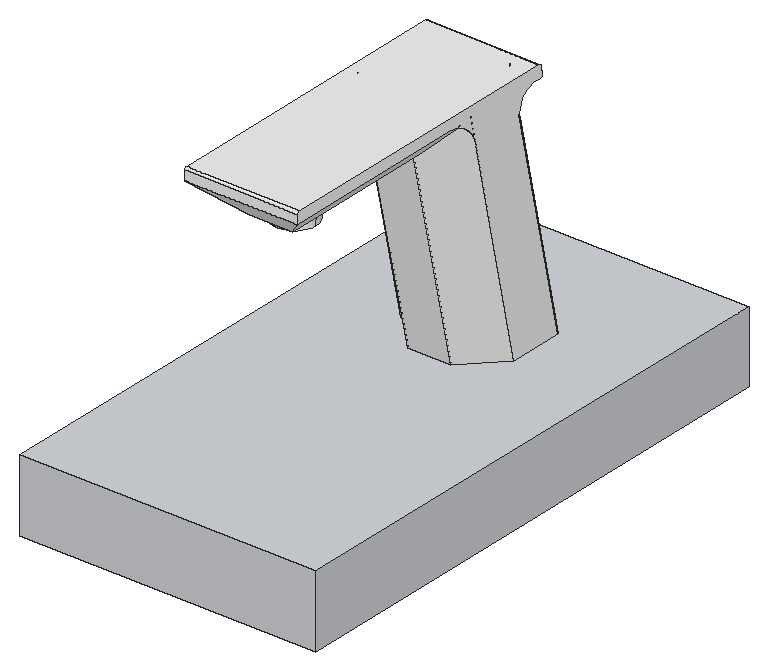
Revit family
Parameters (values of type "Chrome-Polished_Chrome-CP")
  Width = 0' - 2 7/16"
  WFU = 0
  URL = "http://www.us.kohler.com"
  Product Page URL = "http://www.us.kohler.com/onlinecatalog/detail.jsp?prod_num=13467"
  Product Documentation Link = "http://www.us.kohler.com/onlinecatalog/pdf/1102760_4.pdf"
  Model = "K-13467"  # constant formula
  Manufacturer = "Kohler"  # constant formula
  Length = 0' - 7 3/4"
  Installation = "Single-hole"  # constant formula
  Hot Water Radius = 0' - 0 3/16"
  Hot Water Diameter = Hot Water Radius * 2  # 3/8"
  Hot Water Connector = "Hot Water Connector"  # constant formula
  Height = 0' - 5 7/16"
  HWFU = 0
  HW Connection = yes
  Finish = Chrome-Kohler-CP-Polished_Chrome
  Description = "Geometric Touchless deck-mount faucet"  # constant formula
  Default Elevation = 0' - 0"
  Created By = "http://medialab3dstudio.com/"
  Cold Water Radius = 0' - 0 3/16"
  Cold Water Diameter = Cold Water Radius * 2  # 3/8"
  Cold Water Connector = "Cold Water Connector"  # constant formula
  CWFU = 0
  CW Connection = yes
  Assembly Code = "D2010"
  Actual Valve Water Flow = 0.5 GPM
  ADA Compliant = yes
Types (3): name | Finish
  (no name) | Chrome-Kohler-CP-Polished_Chrome
  Steel-Vibrant_Stainless-VS | Steel-Kohler-VS-Vibrant_Stainless
  Chrome-Polished_Chrome-CP | Chrome-Kohler-CP-Polished_Chrome
Reference planes (in)
  plane 1 "Back": y = 0
  plane 2 "Bottom": z = 0
  plane 3 "Center (Left/Right)": x = 0
  plane 4 "Left": x = -1.22
  plane 5 "Right": x = 1.22
  plane 6 "Front": y = -7.75
  plane 7: z = 5.4375
  plane 8: y = -6.31997
  plane 9: x = 0
  plane 10: z = 4.43543
  plane 11: through (0, -7.75157, 5.18966) normal (0, -0.6816, -0.7317)
  plane 12: z = 5.18966
  plane 13: z = 4.43543
  plane 14: through (1.22, -180, 5.18966) normal (0.7071, 0, -0.7071)
  plane 15: through (-0.46576, -180, 4.43543) normal (-0.7071, 0, -0.7071)
  plane 16: y = -2.86736
  plane 17: z = 5.18966
  plane 18: z = 4.63505
  plane 19: z = 5.15297
  plane 20: through (0, -1.20984, 5.39736) normal (0, -0.9757, -0.2193)
  plane 21: through (0, -1.94709, 5.39736) normal (0, -0.9757, -0.2193)
  plane 22: through (0, -3.1313, 5.39736) normal (0, -0.9757, -0.2193)
  plane 23: y = 0.14795
  plane 24: y = -2.69186
  plane 25: z = -0.75
  plane 26: through (0, -1.23293, 2.22557) normal (0, 0.9758, 0.2187)
  plane 27: y = -0.54791
  plane 28: y = -1.23293
  plane 29: through (0, -1.23293, 2.22557) normal (0, -0.9758, -0.2187)
  plane 30: y = -0.54791
  plane 31: y = -1.23293
  plane 32: y = -1.28314
  plane 33: y = -2.01863
  plane 34: through (-0.46576, -2.01863, 48) normal (-0.6982, -0.7159, 0)
  plane 35: through (0.46576, -2.01863, 48) normal (-0.6982, 0.7159, 0)
  plane 36: y = -1.9184
  plane 37: y = -3.85872
  plane 38: y = -3.62007
  plane 39: y = -2.95134
  plane 40: y = -1.77288
  plane 41: y = -1.33828
  plane 42: y = -1.3263
  plane 43: x = 0.32724
  plane 44: y = -1.3263
  plane 45: x = -0.32724
  plane 46: through (-1.22, -0.7342, 48) normal (-0.7239, 0.6899, 0)
  plane 47: through (1.22, -0.7342, 48) normal (-0.7239, -0.6899, 0)
Forms (in)
  Extrusion 1, solid
    sketch origin (0, 0, 0) x (1, 0, 0) y (0, 1, 0)
      loop
        line (-3.25, 2) -> (-3.25, -9.6597) -> (3.13937, -9.6597) -> (3.13937, 2) -> (-3.25, 2)
    from 0 to -1.55472
  Extrusion 2, solid, material "Chrome-Kohler-CP-Polished_Chrome" <- "Finish"
    sketch origin (0, 0, 0) x (0, 1, 0) y (0, 0, 1)
      loop
        line (-0.7342, 0) -> (-1.77288, 4.63505)
        arc (-1.77288, 4.63505) -> (-1.68365, 5.00148) -> (-1.33828, 5.15297) r 0.42536
        line (-1.33828, 5.15297) -> (-1.22005, 5.15297)
        arc (-1.22005, 5.15297) -> (-1.17954, 5.17229) -> (-1.16906, 5.21593) r 0.05212
        line (-1.16906, 5.21593) -> (-1.20984, 5.39736)
        arc (-1.20984, 5.39736) -> (-1.22785, 5.42621) -> (-1.25993, 5.4375) r 0.05141
        line (-1.25993, 5.4375) -> (-7.69863, 5.4375)
        arc (-7.69863, 5.4375) -> (-7.73495, 5.42245) -> (-7.75, 5.38613) r 0.05137
        line (-7.75, 5.38613) -> (-7.75, 5.18966) -> (-3.62007, 5.18966)
        arc (-3.62007, 5.18966) -> (-3.18567, 5.03297) -> (-2.95134, 4.63505) r 0.68046
        line (-2.95134, 4.63505) -> (-1.9184, 0) -> (-0.7342, 0)
    from -1.22 to 1.22
  Extrusion 3, solid, material "Chrome-Kohler-CP-Polished_Chrome" <- "Finish"
    sketch origin (0, 0, 0.25897) x (1, 0, 0) y (0, 0, 1)
      loop
        line (-1.22, 4.93069) -> (-0.46576, 4.17646) -> (0.46576, 4.17646) -> (1.22, 4.93069) -> (-1.22, 4.93069)
    from 2.86736 to 7.75
  Extrusion 4, void
    sketch origin (0, 0.74619, 0) x (0, 1, 0) y (0, 0, 1)
      loop
        line (-7.68804, 4.43543) -> (-8.49619, 5.1882) -> (-8.49619, 4.43543) -> (-7.68804, 4.43543)
    from -1.22 to 1.22
  Extrusion 5, solid, material "Chrome-Kohler-CP-Polished_Chrome" <- "Finish"
    sketch origin (0, -6.09131, -3.8885) x (1, 0, 0) y (0, 0.975149, 0.221549)
      loop
        line (-1.22, 4.93069) -> (-0.46576, 4.17646) -> (0.46576, 4.17646) -> (1.22, 4.93069) -> (-1.22, 4.93069)
    from 2.86736 to 8.30557
  Sweep 6, solid, material "Chrome-Kohler-CP-Polished_Chrome" <- "Finish"
    path origin (0, 0, 0) x (0, 1, 0) y (0, 0, 1)
      loop
        line (-0.57692, -0.70182) -> (-1.88894, 5.15297)
    profile origin (0, -1.23293, 2.22557) x (0, -0.975799, -0.218669) y (1, 0, 0)
      loop
        line (0, -1.22) -> (0, 0) -> (-0.70201, 0) -> (-0.70201, -0.53442) -> (0, -1.22)
  Extrusion 7, void
    sketch origin (0, 0, 0) x (0, 1, 0) y (0, 0, 1)
      loop
        line (0.14795, 0) -> (-2.69186, 0) -> (-2.69186, -0.75) -> (0.14795, -0.75) -> (0.14795, 0)
    from -1.22 to 1.22
  Extrusion 8, solid, material "Chrome-Kohler-CP-Polished_Chrome" <- "Finish"
    sketch origin (0, 0.44273, 0) x (1, 0, 0) y (0, 1, 0)
      loop
        arc (0, -6.29694) -> (-0.32935, -6.43336) -> (-0.46576, -6.7627) r 0.46576
        arc (-0.46576, -6.7627) -> (-0.32935, -7.09205) -> (0, -7.22847) r 0.46576
        arc (0, -7.22847) -> (0.32935, -7.09205) -> (0.46576, -6.7627) r 0.46576
        arc (0.46576, -6.7627) -> (0.32935, -6.43336) -> (0, -6.29694) r 0.46576
    from 4.27922 to 4.43543
  Extrusion 9, void
    sketch origin (0, 0.61402, 0) x (1, 0, 0) y (0, 1, 0)
      loop
        circle (0, -6.93869) r 0.3638
    from 4.27922 to 4.43543
  Extrusion 10, solid
    sketch origin (0, -0.99833, 0) x (1, 0, 0) y (0, 1, 0)
      loop
        arc (0.32724, -0.12079) -> (0.18075, -0.18147) -> (0.12007, -0.32797) r 0.20718
        arc (0.12007, -0.32797) -> (0.18075, -0.47446) -> (0.32724, -0.53514) r 0.20717
        arc (0.32724, -0.53514) -> (0.47374, -0.47446) -> (0.53442, -0.32797) r 0.20718
        arc (0.53442, -0.32797) -> (0.47374, -0.18147) -> (0.32724, -0.12079) r 0.20717
    from 0 to 0.07104
  Extrusion 11, solid
    sketch origin (-0.65448, -0.99833, 0) x (1, 0, 0) y (0, 1, 0)
      loop
        arc (0.32724, -0.12079) -> (0.18075, -0.18147) -> (0.12007, -0.32797) r 0.20718
        arc (0.12007, -0.32797) -> (0.18075, -0.47446) -> (0.32724, -0.53514) r 0.20718
        arc (0.32724, -0.53514) -> (0.47374, -0.47446) -> (0.53442, -0.32797) r 0.20718
        arc (0.53442, -0.32797) -> (0.47374, -0.18147) -> (0.32724, -0.12079) r 0.20718
    from 0 to 0.07104
  Sweep 12, solid, material "Chrome-Kohler-CP-Polished_Chrome" <- "Finish"
    path origin (0, 0, 0) x (0, 1, 0) y (0, 0, -1)
      loop
        line (-0.57692, 0.70182) -> (-1.88894, -5.15297)
    profile origin (0, -1.23293, 2.22557) x (0, 0.975799, 0.218669) y (-1, 0, 0)
      loop
        line (0, -1.22) -> (0.70201, -0.53442) -> (0.70201, 0) -> (0, 0) -> (0, -1.22)
Cuts and joins
  Extrusion 7 cuts Extrusion 10
  Extrusion 7 cuts Extrusion 11
  Extrusion 7 cuts Extrusion 5
  Extrusion 7 cuts Extrusion 2
  Extrusion 4 cuts Extrusion 3
  Extrusion 7 cuts Sweep 6
  Extrusion 9 cuts Extrusion 8
  Extrusion 7 cuts Sweep 12
  joined: Extrusion 2, Extrusion 3, Sweep 6, Extrusion 8, Sweep 12
Lines and regions (in)
  Masking region 1, detail levels coarse
    outline origin (0, 0, 0) x (1, 0, 0) y (0, 0, 1)
      loop
        line (-1.22, 5.4375) -> (-1.22, 0) -> (1.22, 0) -> (1.22, 5.4375) -> (-1.22, 5.4375)
  Masking region 2, detail levels medium+fine
    outline origin (0, 0, 0) x (1, 0, 0) y (0, 0, 1)
      loop
        line (-1.22, 5.4375) -> (-1.22, 0) -> (1.22, 0) -> (1.22, 5.4375) -> (-1.22, 5.4375)
  Masking region 3, detail levels coarse
    outline origin (0, 0, 0) x (1, 0, 0) y (0, 1, 0)
      loop
        line (-1.22, 0) -> (-1.22, -7.75) -> (1.22, -7.75) -> (1.22, 0) -> (-1.22, 0)
  Masking region 4, detail levels medium+fine
    outline origin (0, 0, 0) x (1, 0, 0) y (0, 1, 0)
      loop
        line (-0.52034, 0) -> (-1.22, -0.7342) -> (-1.22, -7.75) -> (1.22, -7.75) -> (1.22, -0.7342) -> (0.52034, 0) -> (-0.52034, 0)
  Masking region 5, detail levels coarse
    outline origin (0, 0, 0) x (0, 1, 0) y (0, 0, 1)
      loop
        line (0, 5.4375) -> (-7.75, 5.4375) -> (-7.75, 0) -> (0, 0) -> (0, 5.4375)
  Masking region 6, detail levels medium+fine
    outline origin (0, 0, 0) x (0, 1, 0) y (0, 0, 1)
      loop
        line (-0.01477, 0) -> (-1.17523, 5.17848)
        arc (-1.17523, 5.17848) -> (-1.16862, 5.19662) -> (-1.16906, 5.21593) r 0.05212
        line (-1.16906, 5.21593) -> (-1.20984, 5.39736)
        arc (-1.20984, 5.39736) -> (-1.22785, 5.42621) -> (-1.25993, 5.4375) r 0.05141
        line (-1.25993, 5.4375) -> (-7.69863, 5.4375)
        arc (-7.69863, 5.4375) -> (-7.73495, 5.42245) -> (-7.75, 5.38613) r 0.05137
        line (-7.75, 5.38613) -> (-7.75, 5.1882) -> (-6.94185, 4.43543) -> (-6.78573, 4.43543) -> (-6.78573, 4.27922) -> (-5.85501, 4.27922) -> (-5.85501, 4.43543) -> (-3.69956, 4.43543) -> (-2.69186, 0) -> (-0.01477, 0)
  symbolic lines, detail levels medium+fine
    curve 1: line (-1.22, 0, 5.18966) -> (-0.46576, 0, 4.43543)
    curve 2: line (-0.46576, 0, 4.43543) -> (0.46576, 0, 4.43543)
    curve 3: line (0.46576, 0, 4.43543) -> (1.22, 0, 5.18966)
    curve 4: line (1.22, 0, 5.18966) -> (-1.22, 0, 5.18966)
  symbolic lines, detail levels fine
    curve 5: line (-0.3638, 0, 4.43543) -> (-0.3638, 0, 4.27922)
    curve 6: line (-0.3638, 0, 4.27922) -> (0.3638, 0, 4.27922)
    curve 7: line (0.3638, 0, 4.27922) -> (0.3638, 0, 4.43543)
    curve 8: line (-0.46576, 0, 4.43543) -> (-0.46576, 0, 0)
    curve 9: line (0.46576, 0, 0) -> (0.46576, 0, 4.43543)
    curve 10: line (-0.53442, -0.01477, 0) -> (-0.53442, -1.1752, 0)
    curve 11: spline (-0.58256, -1.22005, 0) -> (-0.57839, -1.2157, 0) -> (-0.5742, -1.2114, 0) -> (-0.56999, -1.20717, 0) -> (-0.56578, -1.20304, 0) -> (-0.5616, -1.19901, 0) -> (-0.55746, -1.19511, 0) -> (-0.55337, -1.19135, 0) -> (-0.54937, -1.18774, 0) -> (-0.54545, -1.18431, 0) -> (-0.54164, -1.18107, 0) -> (-0.53796, -1.17803, 0) -> (-0.53442, -1.1752, 0)
    curve 12: line (-0.69525, -1.33828, 0) -> (-0.58257, -1.22005, 0)
    curve 13: line (-1.22, -1.77288, 0) -> (-0.69525, -1.33828, 0)
    curve 14: line (-0.53442, -1.17523, 0) -> (0.53442, -1.17523, 0)
    curve 15: line (0.53442, -1.17523, 0) -> (0.53442, -0.01477, 0)
    curve 16: spline (0.53437, -1.17517, 0) -> (0.53792, -1.17799, 0) -> (0.5416, -1.18104, 0) -> (0.54541, -1.18428, 0) -> (0.54933, -1.18771, 0) -> (0.55334, -1.19132, 0) -> (0.55743, -1.19508, 0) -> (0.56158, -1.19899, 0) -> (0.56577, -1.20302, 0) -> (0.56998, -1.20716, 0) -> (0.57419, -1.21139, 0) -> (0.57839, -1.2157, 0) -> (0.58256, -1.22005, 0)
    curve 17: line (0.58257, -1.22005, 0) -> (0.69525, -1.33828, 0)
    curve 18: line (0.69525, -1.33828, 0) -> (1.22, -1.77288, 0)
    curve 19: arc (0, -1.22005, 5.15297) -> (0, -1.19426, 5.1598) -> (0, -1.17523, 5.17848) r 0.05212
    curve 20: line (0, -1.33828, 5.15297) -> (0, -1.22005, 5.15297)
    curve 21: arc (0, -1.77288, 4.63505) -> (0, -1.68365, 5.00148) -> (0, -1.33828, 5.15297) r 0.42536
    curve 22: line (0, -0.7342, 0) -> (0, -1.77288, 4.63505)
    curve 23: line (0, -2.94294, 4.57192) -> (0, -1.9184, 0)
    curve 24: arc (0, -3.62007, 5.18966) -> (0, -3.16178, 5.01202) -> (0, -2.94294, 4.57192) r 0.67998
    curve 25: line (0, -3.62007, 5.18966) -> (0, -7.75157, 5.18966)
    curve 26: line (0, -5.8542, 4.43543) -> (0, -6.78573, 4.43543)
Dimensions and locks (in)
  equal spacing: plane 4 "Left", plane 3 "Center (Left/Right)", plane 5 "Right"
  "Height": plane 7 to plane 2 "Bottom"
  locked: plane 8 to plane 6 "Front" at 1.43003
  locked: plane 4 "Left" to plane 3 "Center (Left/Right)" at 1.22
  locked: plane 3 "Center (Left/Right)" to plane 5 "Right" at 1.22
  locked: plane 1 "Back" to plane 16 at 2.86736
  locked: plane 21 to plane 20 at 0.71931
  locked: plane 22 to plane 21 at 1.15539
  locked: plane 7 to plane 19 at 0.28453
  locked: plane 19 to plane 17 at 0.03669
  locked: plane 18 to plane 19 at 0.51793
  locked: plane 16 to plane 33 at 0.84873
  locked: plane 33 to plane 32 at 0.73549
  locked: plane 32 to plane 1 "Back" at 1.28314
  locked: plane 16 to plane 36 at 0.94896
  locked: plane 37 to plane 16 at 0.99136
  locked: plane 38 to plane 37 at 0.23866
  locked: plane 39 to plane 38 at 0.66873
  locked: plane 40 to plane 36 at 0.14553
  locked: plane 41 to plane 40 at 0.43459
  locked: plane 3 "Center (Left/Right)" to plane 43 at 0.32724
  locked: plane 36 to plane 42 at 0.5921
  locked: plane 45 to plane 3 "Center (Left/Right)" at 0.32724
  locked: plane 36 to plane 44 at 0.5921
  plane 4 "Left" to plane 5 "Right" = 0' - 2.44"
  "Length": plane 1 "Back" to plane 6 "Front"
  locked: plane 2 "Bottom" to plane 11 (angle 42.9681°)
  locked: plane 26 to plane 1 "Back" (angle 12.6309°)
  locked: plane 34 to plane 3 "Center (Left/Right)" (angle 134.279°)
  locked: plane 3 "Center (Left/Right)" to plane 35 (angle 134.279°)
  locked: plane 46 to plane 4 "Left" (angle 43.6201°)
  locked: plane 5 "Right" to plane 47 (angle 43.6201°)
  aligned and locked: plane 2 "Bottom" to Extrusion 1
  aligned and locked: level to Extrusion 1
  aligned and locked: Extrusion 2 to plane 4 "Left"
  aligned and locked: Extrusion 2 to plane 5 "Right"
  aligned and locked: Extrusion 7 to plane 4 "Left"
  aligned and locked: Extrusion 7 to plane 5 "Right"
  aligned and locked: Masking region 1 sketch curve to plane 7
  aligned and locked: plane 2 "Bottom" to Masking region 1 sketch curve
  aligned and locked: plane 4 "Left" to Masking region 1 sketch curve
  aligned and locked: plane 1 "Back" to Masking region 3 sketch curve
  aligned and locked: plane 6 "Front" to Masking region 3 sketch curve
  aligned and locked: plane 4 "Left" to Masking region 3 sketch curve
  aligned and locked: Masking region 5 sketch curve to plane 7
  aligned and locked: plane 6 "Front" to Masking region 5 sketch curve
  aligned and locked: plane 2 "Bottom" to Masking region 5 sketch curve
  aligned and locked: plane 1 "Back" to Masking region 5 sketch curve
  aligned and locked: plane 3 "Center (Left/Right)" to plane 9
  aligned and locked: plane 9 to Extrusion 8 sketch curve  (x2)
  aligned and locked: plane 8 to Extrusion 8 sketch curve  (x2)
  aligned and locked: plane 6 "Front" to Extrusion 4 sketch curve
  aligned and locked: Extrusion 4 sketch curve to plane 10
  aligned and locked: Extrusion 4 to plane 5 "Right"
  aligned and locked: Extrusion 4 to plane 4 "Left"
  aligned and locked: plane 12 to Extrusion 3 sketch curve
  aligned and locked: plane 13 to Extrusion 3 sketch curve
  aligned and locked: plane 14 to Extrusion 3 sketch curve
  aligned and locked: plane 15 to Extrusion 3 sketch curve
  aligned and locked: Extrusion 2 sketch curve to plane 7
  aligned and locked: plane 7 to Extrusion 2 sketch curve
  aligned and locked: plane 2 "Bottom" to Extrusion 2 sketch curve
  aligned and locked: Extrusion 2 sketch curve to plane 17
  aligned and locked: plane 17 to Extrusion 2 sketch curve
  aligned and locked: Extrusion 2 sketch curve to plane 19
  aligned and locked: Extrusion 7 sketch curve to level
  aligned and locked: plane 24 to Extrusion 7 sketch curve
  aligned and locked: Extrusion 7 sketch curve to plane 25
  aligned and locked: Extrusion 7 sketch curve to plane 23
  aligned and locked: Sweep 6 sketch curve to plane 26
  aligned and locked: plane 27 to Sweep 6 sketch curve
  aligned and locked: plane 28 to Sweep 6 sketch curve
  aligned and locked: Sweep 6 sketch curve to plane 3 "Center (Left/Right)"
  aligned and locked: Sweep 12 sketch curve to plane 29
  aligned and locked: plane 32 to Extrusion 5 sketch curve
  aligned and locked: plane 33 to Extrusion 5 sketch curve
  aligned and locked: plane 34 to Extrusion 5 sketch curve
  aligned and locked: plane 35 to Extrusion 5 sketch curve
  aligned and locked: plane 36 to Extrusion 5
  aligned and locked: plane 37 to Extrusion 5
  aligned and locked: plane 18 to Extrusion 2 sketch curve  (x2)
  aligned and locked: plane 19 to Extrusion 2 sketch curve
  aligned and locked: plane 20 to Extrusion 2 sketch curve  (x2)
  aligned and locked: plane 6 "Front" to Extrusion 2 sketch curve
  aligned and locked: plane 38 to Extrusion 2 sketch curve
  aligned and locked: plane 39 to Extrusion 2 sketch curve
  aligned and locked: plane 40 to Extrusion 2 sketch curve
  aligned and locked: plane 41 to Extrusion 2 sketch curve
  aligned and locked: plane 43 to Extrusion 10 sketch curve  (x2)
  aligned and locked: plane 42 to Extrusion 10 sketch curve  (x2)
  aligned and locked: plane 45 to Extrusion 11 sketch curve  (x2)
  aligned and locked: plane 44 to Extrusion 11 sketch curve  (x2)
  aligned and locked: plane 5 "Right" to Masking region 2 sketch curve
  aligned and locked: Masking region 2 sketch curve to plane 7
  aligned and locked: Masking region 2 sketch curve to plane 4 "Left"
  aligned and locked: level to Masking region 2 sketch curve
  aligned and locked: plane 5 "Right" to Masking region 1 sketch curve
  aligned and locked: plane 5 "Right" to Masking region 3 sketch curve
  aligned and locked: plane 5 "Right" to Masking region 4 sketch curve
  aligned and locked: plane 6 "Front" to Masking region 4 sketch curve
  aligned and locked: plane 4 "Left" to Masking region 4 sketch curve
  aligned and locked: Masking region 4 sketch curve to plane 1 "Back"
  aligned and locked: plane 46 to Masking region 4 sketch curve
  aligned and locked: plane 47 to Masking region 4 sketch curve
Automatic sketch dimensions
  Sweep 6 sketch curve to plane 3 "Center (Left/Right)" = 0' - 0"
  Sweep 6 sketch curve to profile plane = 0' - 0"
  profile plane to Sweep 6 sketch curve = 0' - 0.70201"
  Sweep 6 sketch curve to plane 3 "Center (Left/Right)" = 0' - 0.53442"
  Sweep 6 sketch curve to Sweep 6 sketch curve = 0' - 0.68558"
  Sweep 12 sketch curve to profile plane = 0' - 0"  (x2)
  Sweep 12 sketch curve to profile plane = 0' - 0.70201"
  Sweep 12 sketch curve to Sweep 12 sketch curve = 0' - 0.68558"
  curve 13 to plane 4 "Left" = 0' - 0"
  curve 18 to plane 5 "Right" = 0' - 0"
  plane 4 "Left" to curve 12 = 0' - 0.52475"
  curve 12 to curve 11 = 0' - 0.06037"
  curve 11 to curve 12 = 0' - 0.05231"
  curve 12 to curve 11 = 0' - 0"
  curve 11 to curve 11 = 0' - 0.01147"
  plane 1 "Back" to curve 10 = 0' - 0.01477"
  curve 10 to plane 3 "Center (Left/Right)" = 0' - 0.53442"
  curve 14 to curve 11 = 0' - 0"
  plane 3 "Center (Left/Right)" to curve 16 = 0' - 0.50729"
  curve 16 to curve 16 = 0' - 0.02708"
  plane 1 "Back" to curve 15 = 0' - 0.01477"
  plane 3 "Center (Left/Right)" to curve 15 = 0' - 0.53442"
  curve 14 to curve 16 = 0' - 0.03667"
  curve 16 to curve 16 = 0' - 0.01147"
  curve 16 to curve 17 = 0' - 0"  (x2)
  curve 17 to curve 18 = 0' - 0.11268"
  curve 16 to curve 15 = 0' - 1.14678"
  curve 16 to curve 16 = 0' - 0.01362"
  curve 10 to curve 16 = 0' - 0.01365"
  curve 15 to curve 16 = 0' - 0.00006"
  curve 12 to curve 14 = 0' - 0.04482"
  curve 11 to curve 12 = 0' - 0"
  curve 17 to curve 17 = 0' - 0.11824"
  curve 12 to curve 11 = 0' - 0.04285"
  curve 13 to curve 12 = 0' - 0.43459"
  curve 23 to level = 0' - 0"
  curve 22 to level = 0' - 0"
  curve 25 to plane 6 "Front" = 0' - 0.00157"
  plane 6 "Front" to curve 26 = 0' - 0.96427"
  curve 26 to curve 26 = 0' - 0.93153"
  curve 25 to plane 7 = 0' - 0.24784"
  plane 16 to curve 25 = 0' - 0.7527"
  plane 16 to curve 24 = 0' - 0.07557"
  curve 23 to plane 16 = 0' - 0.94896"
  curve 22 to plane 16 = 0' - 1.09449"
  curve 21 to curve 21 = 0' - 0.41507"
  curve 21 to curve 21 = 0' - 0 5/256"
  curve 20 to curve 20 = 0' - 0.11824"
  curve 19 to curve 19 = 0' - 0.04482"
  plane 1 "Back" to curve 22 = 0' - 0.7342"
  curve 26 to plane 7 = 0' - 1.00207"
  curve 24 to curve 24 = 0' - 0.67998"
  curve 22 to plane 7 = 0' - 0.80245"
  curve 21 to curve 21 = 0' - 0.09301"
  curve 19 to curve 19 = 0' - 0.02551"
  curve 4 to plane 4 "Left" = 0' - 0"
  curve 8 to level = 0' - 0"
  curve 9 to level = 0' - 0"
  plane 5 "Right" to curve 4 = 0' - 0"
  curve 8 to plane 3 "Center (Left/Right)" = 0' - 0.46576"
  curve 1 to curve 5 = 0' - 0.10196"
  plane 3 "Center (Left/Right)" to curve 7 = 0' - 0.3638"
  plane 3 "Center (Left/Right)" to curve 9 = 0' - 0.46576"
  curve 5 to plane 7 = 0' - 1.15828"
  curve 5 to curve 8 = 0' - 0.15621"
  curve 4 to plane 7 = 0' - 0.24784"
  Extrusion 1 sketch curve to Extrusion 1 sketch curve = 0' - 6.38937"
  Extrusion 1 sketch curve to Extrusion 1 sketch curve = 0' - 11.6597"
  plane 22 to Extrusion 2 sketch curve = 0' - 0"
  plane 21 to Extrusion 2 sketch curve = 0' - 0"
  plane 6 "Front" to Extrusion 2 sketch curve = 0' - 0.05137"
  Extrusion 2 sketch curve to plane 18 = 0' - 0.09301"
  Extrusion 2 sketch curve to plane 7 = 0' - 0.05141"
  Extrusion 2 sketch curve to Extrusion 2 sketch curve = 0' - 0.07829"
  Extrusion 2 sketch curve to plane 17 = 0' - 0.01543"
  Extrusion 2 sketch curve to Extrusion 2 sketch curve = 0' - 0.11824"
  Extrusion 2 sketch curve to plane 7 = 0' - 0.04014"
  plane 11 to Extrusion 4 sketch curve = 0' - 0"  (x2)
  Extrusion 5 sketch curve to plane 4 "Left" = 0' - 0"
  Extrusion 5 sketch curve to plane 5 "Right" = 0' - 0"
  Extrusion 5 sketch curve to plane 3 "Center (Left/Right)" = 0' - 0.46576"
  plane 3 "Center (Left/Right)" to Extrusion 5 sketch curve = 0' - 0.46576"
  Extrusion 5 sketch curve to Extrusion 5 sketch curve = 0' - 0.75423"
  Sweep 6 sketch curve to plane 7 = 0' - 0.28453"
  plane 1 "Back" to Sweep 6 sketch curve = 0' - 0.57692"
  Extrusion 8 sketch curve to plane 3 "Center (Left/Right)" = 0' - 0.46576"
  Extrusion 9 sketch curve to plane 3 "Center (Left/Right)" = 0' - 0"
  plane 6 "Front" to Extrusion 9 sketch curve = 0' - 1.42533"
  Masking region 6 sketch curve to plane 6 "Front" = 0' - 0"
  Masking region 6 sketch curve to plane 7 = 0' - 0"
  Masking region 6 sketch curve to level = 0' - 0"
  plane 6 "Front" to Masking region 6 sketch curve = 0' - 0.05137"
  plane 6 "Front" to Masking region 6 sketch curve = 0' - 0.80815"
  Masking region 6 sketch curve to Masking region 6 sketch curve = 0' - 0.15612"
  Masking region 6 sketch curve to Masking region 6 sketch curve = 0' - 0.93072"
  plane 16 to Masking region 6 sketch curve = 0' - 0.8322"
  Masking region 6 sketch curve to plane 16 = 0' - 0.1755"
  Masking region 6 sketch curve to plane 7 = 0' - 0.05141"
  plane 1 "Back" to Masking region 6 sketch curve = 0' - 1.25999"
  Masking region 6 sketch curve to Masking region 6 sketch curve = 0' - 0.00007"
  Masking region 6 sketch curve to Masking region 6 sketch curve = 0' - 0.03995"
  Masking region 6 sketch curve to plane 7 = 0' - 0.04014"
  Masking region 6 sketch curve to Masking region 6 sketch curve = 0' - 0.04482"
  Masking region 6 sketch curve to Masking region 6 sketch curve = 0' - 0.00617"
  plane 1 "Back" to Masking region 6 sketch curve = 0' - 0.01477"
  Masking region 6 sketch curve to plane 7 = 0' - 1.15828"
  Masking region 6 sketch curve to Masking region 6 sketch curve = 0' - 0.15621"  (x2)
  Masking region 6 sketch curve to Masking region 6 sketch curve = 0' - 0.21888"
  Masking region 6 sketch curve to Masking region 6 sketch curve = 0' - 0.19793"
  Masking region 6 sketch curve to Masking region 6 sketch curve = 0' - 0.02661"
  Sweep 12 sketch curve to plane 7 = 0' - 0.28453"
  plane 1 "Back" to Sweep 12 sketch curve = 0' - 0.57692"
  Sweep 12 sketch curve to profile plane = 0' - 0.53442"
  plane 3 "Center (Left/Right)" to Extrusion 10 sketch curve = 0' - 0.12007"
  Extrusion 11 sketch curve to Extrusion 11 sketch curve = 0' - 0.20717"
  curve 18 to plane 36 = 0' - 0.14553"
  radius of Extrusion 9 sketch curve = 0' - 0.3638"
Connectors (in)
  piping at (0.32724, -1.3263, 0), driven by "Cold Water Connector", driven by "Actual Valve Water Flow", driven by "CW Connection", driven by "Cold Water Radius", driven by "CWFU"
    settings: on cut or joined group of Extrusion 7, Extrusion 10, index 1, connector radius 3/16", flow factor 0, pipe flow 0.5 GPM, pressure drop 0.00 psi, fitting loss kfactor 0, connector angle 0.00°, fixture units 0, flow configuration 3, flow direction 1, fitting loss method 0, system type 20, connector reference index -1, connector utility 1, adjustable connector no, is connector primary yes, fitting loss table "", connector description "Cold Water Connector"
  piping at (-0.32724, -1.3263, 0), driven by "Actual Valve Water Flow", driven by "Hot Water Connector", driven by "HW Connection", driven by "Hot Water Radius", driven by "HWFU"
    settings: on cut or joined group of Extrusion 7, Extrusion 11, index 2, connector radius 3/16", flow factor 0, pipe flow 0.5 GPM, pressure drop 0.00 psi, fitting loss kfactor 0, connector angle 0.00°, fixture units 0, flow configuration 3, flow direction 1, fitting loss method 0, system type 19, connector reference index -1, connector utility 1, adjustable connector no, is connector primary no, fitting loss table "", connector description "Hot Water Connector"
